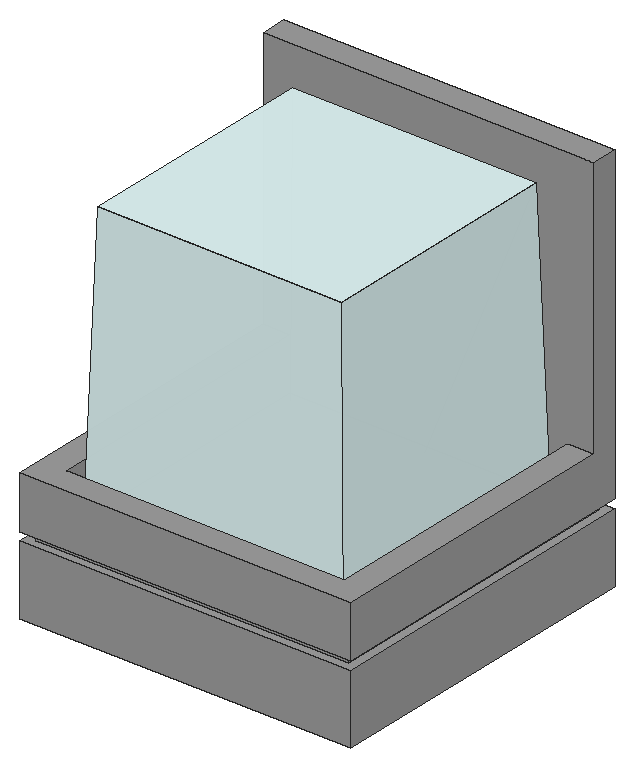
Revit family "33327_HOST_FACE", category Lighting Fixtures, host Face, Revit 2012
Parameters (values of type "Ceiling and Wall Luminaires")
  Wattage = 1.45413 W
  built-in parameter 1150110 = 1 (stored number, unit not read)
  URL = "www.bega-us.com"
  built-in parameter 1114217 = 1 (stored number, unit not read)
  Tilt Angle = 90.00°
  built-in parameter 1150109 = 1 (stored number, unit not read)
  built-in parameter 1150134 = (empty or 0)
  Telephone = "805.684.0533"
  built-in parameter 1150113 = 1 (stored number, unit not read)
  Photometric Web File = "33327.ies"
  Model = "33327"
  Manufacturer = "BEGA-US"
  built-in parameter 1150105 = 17.189 (stored number, unit not read)
  Lumens = 216 lm
  built-in parameter 1150115 = 1 (stored number, unit not read)
  built-in parameter 1150137 = (empty or 0)
  built-in parameter 1150139 = (empty or 0)
  built-in parameter 1150112 = 1 (stored number, unit not read)
  built-in parameter 1150114 = 1 (stored number, unit not read)
  built-in parameter 1150132 = 2
  built-in parameter 1150102 = (empty or 0)
  built-in parameter 1150107 = 3000 (stored number, unit not read)
  built-in parameter 1150138 = (empty or 0)
  built-in parameter 1150106 = 0.17189 (stored number, unit not read)
  built-in parameter 1150104 = 13.8 (stored number, unit not read)
  Dimming Lamp Color Temperature Shift = <None>
  Description = "Surface wall and ceiling - glass block"
  Default Elevation = 0' - 0"
  Color Filter = 16777215
  built-in parameter 1114218 = 1 (stored number, unit not read)
  built-in parameter 1150133 = 10 (stored number, unit not read)
Reference planes (in)
  plane 1 "Center (Front/Back)": y = 0
  plane 2: z = 0
  plane 3 "Center (Left/Right)": x = 0
Dimensions and locks (in)
  aligned and locked: plane 2 to host face
  aligned and locked: level to host face
Nested families (in)
  nested 1: "3327LED" at (0, 0, 0), type "3327LED"
Connectors (in)
  electrical at (0, 0, 0)
    settings: on host face, index 1, voltage 0 V, apparent load 0 VA, apparent load phase1 0 VA, apparent load phase2 0 VA, apparent load phase3 0 VA, power factor 1, load classification "Other", number of poles 1, system type 31, power factor state 1, is connector primary yes, connector utility no, sub classification motor no, connector description ""
Definition of nested family "3327LED"
  Reference planes (in)
    plane 1 "Center (Front/Back)": y = 0
    plane 2: z = 0
    plane 3 "Center (Left/Right)": x = 0
  Forms (in)
    Extrusion 1, solid, material "Default"
      sketch origin (0, 0, 0) x (1, 0, 0) y (0, 1, 0)
        loop
          line (0, 2.375) -> (-2.375, 2.375) -> (-2.375, -2.375) -> (2.375, -2.375) -> (2.375, 2.375) -> (0, 2.375)
      from 0 to 1
    Extrusion 2, solid, material "Default"
      sketch origin (0, 0, 0) x (1, 0, 0) y (0, 1, 0)
        loop
          line (-2.25, -2.25) -> (2.25, -2.25) -> (2.25, 2.25) -> (-2.25, 2.25) -> (-2.25, -2.25)
      from 1.125 to 1
    Extrusion 3, solid, material "Default"
      sketch origin (0, 0, 0) x (1, 0, 0) y (0, 1, 0)
        loop
          line (-2.375, 2.375) -> (-2.375, -2.375) -> (2.375, -2.375) -> (2.375, 2.375) -> (-2.375, 2.375)
        loop
          line (2, -2) -> (2, 2) -> (-2, 2) -> (-2, -2) -> (2, -2)
      from 1.125 to 1.875
    Blend 4, solid, material "3-ply opal glass/white glass"
      base sketch origin (0, 0, 0) x (1, 0, 0) y (0, 1, 0)
        loop
          line (0, 1.875) -> (-1.875, 1.875) -> (-1.875, -1.875) -> (1.875, -1.875) -> (1.875, 1.875) -> (0, 1.875)
      top sketch origin (0, 0, 0) x (1, 0, 0) y (0, 1, 0)
        loop
          line (-1.75, 1.75) -> (-1.75, -1.75) -> (1.75, -1.75) -> (1.75, 1.75) -> (-1.75, 1.75)
      from 1 to 5.25
    Extrusion 5, solid, material "Default"
      sketch origin (0, 0, 0) x (1, 0, 0) y (0, 1, 0)
        loop
          line (-2.375, 2.375) -> (-2.375, 2) -> (2.375, 2) -> (2.375, 2.375) -> (-2.375, 2.375)
      from 5.625 to 1.875
  Cuts and joins
    joined: Extrusion 3, Extrusion 5
  Dimensions and locks (in)
    aligned and locked: plane 2 to level
